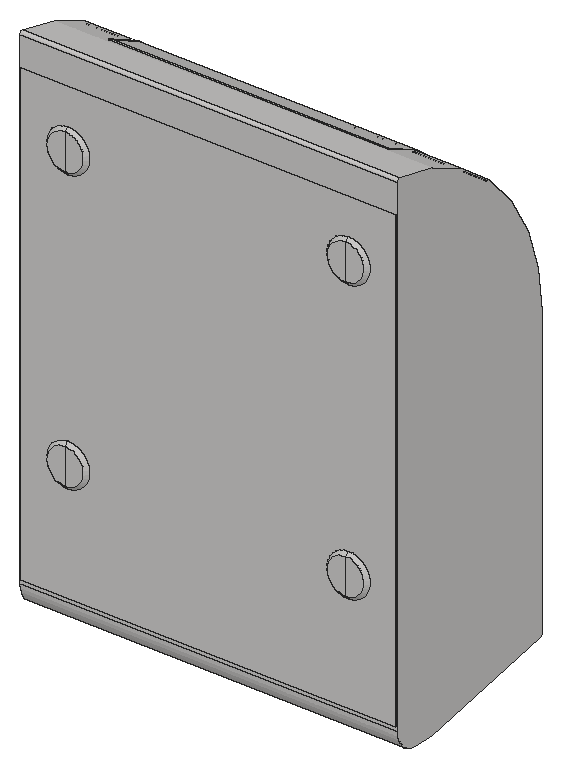
Revit family "DAN DRYER STAINLESS DESIGN 294", category Casework, host Wall, Revit 2018
Family settings
  Host = Wall
  OmniClass Number = 23.40.35.00
  OmniClass Title = Casework
  Always vertical = Yes
  Cut with Voids When Loaded = No
  Shared = No
  Room Calculation Point = No
Parameters (values of type "294")
  URL = "https://www.dandryer.com/Files/Billeder/PDF/Datablade/Nye/Data%20sheet%20DAN%20DRYER%20DESIGN%20Waste%20Bin%20294.pdf"
  Model = "Stainless Design - 294"
  Manufacturer = "Dan Dryer"
  Description = "Waste Bin, 12 L with self-closing tip-down lid"
Reference planes
  plane 1: y = 0
  plane 2 "Center (Left/Right)": x = 125
  plane 3 "Back": y = 75
Text (mm)
  text "Placement side" at (-1343.702, 674.496, 0), in view "Ref. Level"
  text "Placement side" at (0, 1232.041, 2958.779), in view "Left"
  text "Placement side" at (0, 590.385, 3035.99), in view "Right"
Dimensions and locks
  locked: plane 3 "Back" to host wall at 0
  aligned and locked: plane 1 to host wall
  aligned and locked: nested 1 to plane 2 "Center (Left/Right)"
  aligned and locked: nested 1 to plane 3 "Back"
Nested families
  nested 1: "mini waste bin" at (125, 75, 1100) x (-1, 0, 0) z (0, 0, 1), type "mini waste bin"
Definition of nested family "mini waste bin"
  Reference planes
    plane 1 "Center (Front/Back)": y = 0
    plane 2: z = 0
    plane 3 "Center (Left/Right)": x = 0
    plane 4: z = 203.5
    plane 5: z = -203.5
    plane 6: x = -166.5
    plane 7: x = 166.5
    plane 8: x = -124.5
    plane 9: x = 124.5
    plane 10: z = 152.5
    plane 11: z = -97.5
    plane 12: z = 152.5
    plane 13: x = 124.5
    plane 14: z = -97.5
    plane 15: x = -124.5
  Forms (mm)
    Extrusion 1, solid
      sketch origin (0, 0, -42) x (1, 0, 0) y (0, 0, 1)
        loop
          line (-166.5, 245.5) -> (-166.5, -161.5) -> (166.5, -161.5) -> (166.5, 245.5) -> (-166.5, 245.5)
        loop
          circle (-124.5, 194.5) r 20
        loop
          circle (124.5, 194.5) r 20
        loop
          circle (124.5, -55.5) r 20
        loop
          circle (-124.5, -55.5) r 20
      from 3 to 4.5
    Revolve 2, solid
      sketch origin (-124.5, 0, 0) x (0, 1, 0) y (0, 0, 1)
        loop
          line (0, -97.5) -> (0, -81.5) -> (-3, -78.5) -> (-3, -77.5) -> (-4.5, -77.5) -> (-4.5, -79.121) -> (-1.5, -82.121) -> (-1.5, -97.5) -> (0, -97.5)
        axis (0, -97.5) -> (-4.5, -97.5)
      angle from 0 to 360
    Revolve 3, solid
      sketch origin (124.5, 0, 0) x (0, 1, 0) y (0, 0, 1)
        loop
          line (0, -97.5) -> (0, -81.5) -> (-3, -78.5) -> (-3, -77.5) -> (-4.5, -77.5) -> (-4.5, -79.121) -> (-1.5, -82.121) -> (-1.5, -97.5) -> (0, -97.5)
        axis (0, -97.5) -> (-4.5, -97.5)
      angle from 0 to 360
    Revolve 4, solid
      sketch origin (124.5, 0, 250) x (0, 1, 0) y (0, 0, 1)
        loop
          line (0, -97.5) -> (0, -81.5) -> (-3, -78.5) -> (-3, -77.5) -> (-4.5, -77.5) -> (-4.5, -79.121) -> (-1.5, -82.121) -> (-1.5, -97.5) -> (0, -97.5)
        axis (0, -97.5) -> (-4.5, -97.5)
      angle from 0 to 360
    Revolve 5, solid
      sketch origin (-124.5, 0, 250) x (0, 1, 0) y (0, 0, 1)
        loop
          line (0, -97.5) -> (0, -81.5) -> (-3, -78.5) -> (-3, -77.5) -> (-4.5, -77.5) -> (-4.5, -79.121) -> (-1.5, -82.121) -> (-1.5, -97.5) -> (0, -97.5)
        axis (0, -97.5) -> (-4.5, -97.5)
      angle from 0 to 360
  Cuts and joins
    joined: Extrusion 1, Revolve 2, Revolve 3, Revolve 4, Revolve 5
  Dimensions and locks
    equal spacing: plane 7, plane 3 "Center (Left/Right)", plane 6
    plane 3 "Center (Left/Right)" to plane 6 = 166.5 mm
    equal spacing: plane 4, level, plane 5
    plane 4 to level = 203.5 mm
    plane 4 to plane 10 = 51 mm
    locked: plane 10 to plane 11 at 250
    aligned and locked: level to plane 2
  Automatic sketch dimensions
    Extrusion 1 sketch curve to plane 5 = 0 mm
    Extrusion 1 sketch curve to plane 6 = 0 mm
    Extrusion 1 sketch curve to plane 8 = 0 mm  (x2)
    Extrusion 1 sketch curve to plane 9 = 0 mm  (x2)
    Extrusion 1 sketch curve to plane 4 = 0 mm
    Extrusion 1 sketch curve to plane 7 = 0 mm
    Extrusion 1 sketch curve to plane 11 = 0 mm  (x2)
    Extrusion 1 sketch curve to plane 10 = 0 mm  (x2)
    plane 14 to Revolve 2 sketch curve = 0 mm  (x2)
    Revolve 2 sketch curve to plane 1 "Center (Front/Back)" = 0 mm
    plane 1 "Center (Front/Back)" to Revolve 2 sketch curve = 1.5 mm
    plane 1 "Center (Front/Back)" to Revolve 2 sketch curve = 3 mm
    Revolve 2 sketch curve to Revolve 2 sketch curve = 1.5 mm
    Revolve 2 sketch curve to Revolve 2 sketch curve = 15.379 mm
    Revolve 2 sketch curve to Revolve 2 sketch curve = 0.621 mm  (x2)
    Revolve 2 sketch curve to Revolve 2 sketch curve = 3 mm
    Revolve 2 sketch curve to Revolve 2 sketch curve = 1.621 mm
    Revolve 2 sketch curve to Revolve 2 sketch curve = 12.821 mm
    Revolve 2 sketch curve to plane 1 "Center (Front/Back)" = 7.52 mm
    plane 14 to Revolve 3 sketch curve = 0 mm  (x2)
    Revolve 3 sketch curve to plane 1 "Center (Front/Back)" = 0 mm
    plane 1 "Center (Front/Back)" to Revolve 3 sketch curve = 1.5 mm
    plane 1 "Center (Front/Back)" to Revolve 3 sketch curve = 3 mm
    Revolve 3 sketch curve to Revolve 3 sketch curve = 1.5 mm
    Revolve 3 sketch curve to Revolve 3 sketch curve = 15.379 mm
    Revolve 3 sketch curve to Revolve 3 sketch curve = 0.621 mm  (x2)
    Revolve 3 sketch curve to Revolve 3 sketch curve = 3 mm
    Revolve 3 sketch curve to Revolve 3 sketch curve = 1.621 mm
    Revolve 3 sketch curve to Revolve 3 sketch curve = 12.821 mm
    Revolve 3 sketch curve to plane 1 "Center (Front/Back)" = 7.52 mm
    Revolve 4 sketch curve to plane 12 = 0 mm  (x2)
    Revolve 4 sketch curve to plane 1 "Center (Front/Back)" = 0 mm
    plane 1 "Center (Front/Back)" to Revolve 4 sketch curve = 1.5 mm
    plane 1 "Center (Front/Back)" to Revolve 4 sketch curve = 3 mm
    Revolve 4 sketch curve to Revolve 4 sketch curve = 1.5 mm
    Revolve 4 sketch curve to Revolve 4 sketch curve = 15.379 mm
    Revolve 4 sketch curve to Revolve 4 sketch curve = 0.621 mm  (x2)
    Revolve 4 sketch curve to Revolve 4 sketch curve = 3 mm
    Revolve 4 sketch curve to Revolve 4 sketch curve = 1.621 mm
    Revolve 4 sketch curve to Revolve 4 sketch curve = 12.821 mm
    Revolve 4 sketch curve to plane 1 "Center (Front/Back)" = 7.52 mm
    Revolve 5 sketch curve to plane 12 = 0 mm  (x2)
    Revolve 5 sketch curve to plane 1 "Center (Front/Back)" = 0 mm
    plane 1 "Center (Front/Back)" to Revolve 5 sketch curve = 1.5 mm
    plane 1 "Center (Front/Back)" to Revolve 5 sketch curve = 3 mm
    Revolve 5 sketch curve to Revolve 5 sketch curve = 1.5 mm
    Revolve 5 sketch curve to Revolve 5 sketch curve = 15.379 mm
    Revolve 5 sketch curve to Revolve 5 sketch curve = 0.621 mm  (x2)
    Revolve 5 sketch curve to Revolve 5 sketch curve = 3 mm
    Revolve 5 sketch curve to Revolve 5 sketch curve = 1.621 mm
    Revolve 5 sketch curve to Revolve 5 sketch curve = 12.821 mm
    Revolve 5 sketch curve to plane 1 "Center (Front/Back)" = 7.52 mm
    radius of Extrusion 1 sketch curve = 20 mm  (x4)
  Nested families
    nested 1: "Shield" at (-167.5, -3.5, -227.5) x (0, -1, 0) z (1, 0, 0), type "Shield"
  Definition of nested family "Shield"
    Parameters (values of type "Shield")
      Stainless = none
      Default Elevation = 1219.2 mm
    Reference planes
      plane 1 "Center (Front/Back)": y = 0
      plane 2: z = 0
      plane 3 "Center (Left/Right)": x = 0
      plane 4: x = 38.7
      plane 5: z = 167.5
      plane 6: z = 291.5
      plane 7: z = 43.5
      plane 8: through (43.358, 448.013, 1200) normal (-0.866, 0.5, 0)
    Forms (mm)
      Extrusion 1, solid, material <- "Stainless"
        sketch origin (0, 0, 0) x (1, 0, 0) y (0, 1, 0)
          loop
            line (20, 0) -> (38.7, 0) -> (158.416, 25.446)
            arc (158.416, 25.446) -> (159.554, 26.144) -> (160, 27.403) r 2
            line (160, 27.403) -> (160, 283.583)
            arc (160, 283.583) -> (114.844, 401.312) -> (2.779, 459.11) r 177
            arc (2.779, 459.11) -> (0.834, 458.489) -> (0, 456.625) r 2.5
            line (0, 456.625) -> (0, 20)
            arc (0, 20) -> (5.858, 5.858) -> (20, 0) r 20
        from 0 to 335
      Extrusion 2, void
        sketch origin (0, 0, 0) x (1, 0, 0) y (0, 1, 0)
          loop
            arc (158.5, 283.582) -> (113.727, 400.312) -> (2.612, 457.619) r 175.5
            arc (2.612, 457.619) -> (1.834, 457.371) -> (1.5, 456.625) r 1
            line (1.5, 456.625) -> (1.5, 20)
            arc (1.5, 20) -> (6.919, 6.919) -> (20, 1.5) r 18.5
            line (20, 1.5) -> (38.542, 1.5) -> (158.5, 26.998) -> (158.5, 283.582)
        from 333.5 to 1.5
      Extrusion 3, void
        sketch origin (0, 0, 0) x (1, 0, 0) y (0, 1, 0)
          loop
            line (48.749, 462.731) -> (43.358, 448.013)
            arc (43.358, 448.013) -> (104.977, 409.401) -> (145.655, 349.126) r 175.5
            line (145.655, 349.126) -> (149.174, 350.552) -> (145.655, 462.731) -> (48.749, 462.731)
        from 291.5 to 43.5
      Extrusion 4, solid, material <- "Stainless"
        sketch origin (0, 0, 0) x (1, 0, 0) y (0, 1, 0)
          loop
            line (45.28, 448.899) -> (37.544, 427.778) -> (137.214, 347.324) -> (139.619, 348.299) -> (143.375, 339.031) -> (148.009, 340.909) -> (144.253, 350.177) -> (146.476, 351.077)
            arc (146.476, 351.077) -> (106.019, 410.479) -> (45.28, 448.899) r 177
        from 290.5 to 44.5
      Extrusion 5, void
        sketch origin (0, 0, 0) x (1, 0, 0) y (0, 1, 0)
          loop
            arc (144.504, 351.897) -> (104.977, 409.401) -> (46.166, 446.957) r 175.5
            line (46.166, 446.957) -> (38.777, 426.782) -> (135.879, 348.402) -> (144.504, 351.897)
          loop
            line (139.619, 348.299) -> (143.375, 339.031) -> (148.009, 340.909) -> (144.253, 350.177) -> (139.619, 348.299)
        from 289 to 46
    Cuts and joins
      Extrusion 2, Extrusion 3, Extrusion 5 cuts Extrusion 1
      Extrusion 5 cuts Extrusion 4
    Dimensions and locks
      plane 3 "Center (Left/Right)" to Extrusion 1 = 160 mm
      arc length of Extrusion 3 sketch curve = 146.494 mm  (x2)
      aligned and locked: level to plane 2
